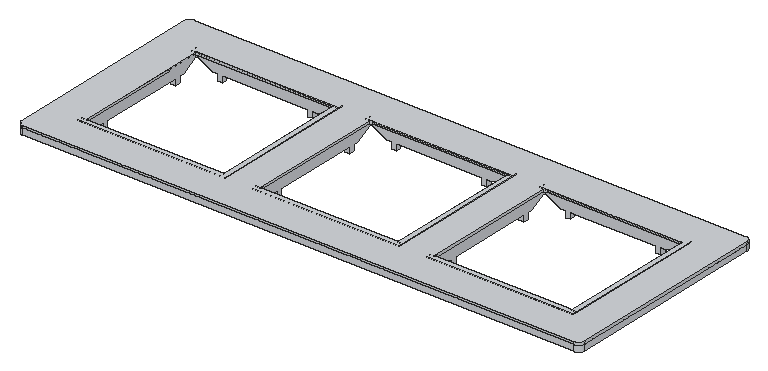
Revit family "Gira_0213235", category Electrical Fixtures, host Face, Revit 2017
Family settings
  Host = Face
  Maintain Annotation Orientation = No
  Round Connector Dimension = Use Diameter
  Part Type = Normal
  Cut with Voids When Loaded = No
  Shared = No
  Room Calculation Point = No
Parameters (values of type "Abdeckrahmen 3f flach Gira E2 Anthrazit")
  Werkstoffgüte = "Thermoplast"
  Werkstoff = "Kunststoff"
  URL = "http://katalog.gira.de/de_DE/datenblatt.html?artikelnr=0213235"
  Transparent = "No"
  Textfeld/Beschriftungsfläche = "No"
  Schutzart (IP) = "IP20"
  Region = "DE"
  Oberfläche = "sonstige"
  Name = "Abdeckrahmen 3f flach Gira E2 Anthrazit"
  Montagerichtung = "horizontal und vertikal"
  Mit Montagerahmen = "No"
  Mit Klappdeckel = "No"
  Manufacturer URL = "https://www.gira.de/"
  Keynote = "E2flach_Rahmen_3fach"
  HeinzeBIM = "https://bimportal.heinze.de/bim/abdeckrahmen-3f-flach-gira-e2-anthrazit/8eec6934cc418939a97d7435bad65fbf73b6c897"
  Halogenfrei = "Yes"
  HAN = "0213235"
  Geeignet für Unterputz-Installation = "Yes"
  Geeignet für Unterflurkanaldose = "No"
  Geeignet für Geräteeinbaukanal = "No"
  Geeignet für Einbauinstallation = "No"
  GTIN = "4010337021292"
  Farbe = "anthrazit"
  Default Elevation = 1219.2 mm
  Data sheet (1) = "https://katalog.gira.de/de_DE/download.html?artikelnr=0213235"
  Category = "Abdeckrahmen"
  Befestigungsart = "Klemmbefestigung"
  Available = "Yes"
  Anzahl der Einheiten vertikal = "3 "
  Anzahl der Einheiten horizontal = "3 "
  Anzahl der Einheiten = "3 "
Reference planes
  plane 1 "Center (Front/Back)": y = 0
  plane 2: z = 0
  plane 3 "Center (Left/Right)": x = 0
Forms (mm)
  Extrusion 1, solid, detail levels fine
    sketch origin (0, 0, 0) x (1, 0, 0) y (0, 1, 0)
      loop
        arc (-112.6, 43.9) -> (-114.368, 43.168) -> (-115.1, 41.4) r 2.5
        line (-115.1, 41.4) -> (-115.1, -41.4)
        arc (-115.1, -41.4) -> (-114.368, -43.168) -> (-112.6, -43.9) r 2.5
        line (-112.6, -43.9) -> (112.6, -43.9)
        arc (112.6, -43.9) -> (114.368, -43.168) -> (115.1, -41.4) r 2.5
        line (115.1, -41.4) -> (115.1, 41.4)
        arc (115.1, 41.4) -> (114.368, 43.168) -> (112.6, 43.9) r 2.5
        line (112.6, 43.9) -> (-112.6, 43.9)
      loop
        spline (-99.344, -27.245) -> (-99.336, -27.363) -> (-99.313, -27.478) -> (-99.275, -27.589) -> (-99.223, -27.695) -> (-99.158, -27.792) -> (-99.081, -27.881) -> (-98.992, -27.958) -> (-98.895, -28.023) -> (-98.789, -28.075) -> (-98.678, -28.113) -> (-98.563, -28.136) -> (-98.445, -28.144)
        line (-98.445, -28.144) -> (-43.955, -28.144)
        spline (-43.955, -28.144) -> (-43.837, -28.136) -> (-43.722, -28.113) -> (-43.611, -28.075) -> (-43.505, -28.023) -> (-43.408, -27.958) -> (-43.319, -27.881) -> (-43.242, -27.792) -> (-43.177, -27.695) -> (-43.125, -27.589) -> (-43.087, -27.478) -> (-43.064, -27.363) -> (-43.056, -27.245)
        line (-43.056, -27.245) -> (-43.056, 27.245)
        spline (-43.056, 27.245) -> (-43.064, 27.363) -> (-43.087, 27.478) -> (-43.125, 27.589) -> (-43.177, 27.695) -> (-43.242, 27.792) -> (-43.319, 27.881) -> (-43.408, 27.958) -> (-43.505, 28.023) -> (-43.611, 28.075) -> (-43.722, 28.113) -> (-43.837, 28.136) -> (-43.955, 28.144)
        line (-43.955, 28.144) -> (-98.445, 28.144)
        spline (-98.445, 28.144) -> (-98.563, 28.136) -> (-98.678, 28.113) -> (-98.789, 28.075) -> (-98.895, 28.023) -> (-98.992, 27.958) -> (-99.081, 27.881) -> (-99.158, 27.792) -> (-99.223, 27.695) -> (-99.275, 27.589) -> (-99.313, 27.478) -> (-99.336, 27.363) -> (-99.344, 27.245)
        line (-99.344, 27.245) -> (-99.344, -27.245)
      loop
        spline (98.445, -28.144) -> (98.563, -28.136) -> (98.678, -28.113) -> (98.789, -28.075) -> (98.895, -28.023) -> (98.992, -27.958) -> (99.081, -27.881) -> (99.158, -27.792) -> (99.223, -27.695) -> (99.275, -27.589) -> (99.313, -27.478) -> (99.336, -27.363) -> (99.344, -27.245)
        line (99.344, -27.245) -> (99.344, 27.245)
        spline (99.344, 27.245) -> (99.336, 27.363) -> (99.313, 27.478) -> (99.275, 27.589) -> (99.223, 27.695) -> (99.158, 27.792) -> (99.081, 27.881) -> (98.992, 27.958) -> (98.895, 28.023) -> (98.789, 28.075) -> (98.678, 28.113) -> (98.563, 28.136) -> (98.445, 28.144)
        line (98.445, 28.144) -> (43.955, 28.144)
        spline (43.955, 28.144) -> (43.837, 28.136) -> (43.722, 28.113) -> (43.611, 28.075) -> (43.505, 28.023) -> (43.408, 27.958) -> (43.319, 27.881) -> (43.242, 27.792) -> (43.177, 27.695) -> (43.125, 27.589) -> (43.087, 27.478) -> (43.064, 27.363) -> (43.056, 27.245)
        line (43.056, 27.245) -> (43.056, -27.245)
        spline (43.056, -27.245) -> (43.064, -27.363) -> (43.087, -27.478) -> (43.125, -27.589) -> (43.177, -27.695) -> (43.242, -27.792) -> (43.319, -27.881) -> (43.408, -27.958) -> (43.505, -28.023) -> (43.611, -28.075) -> (43.722, -28.113) -> (43.837, -28.136) -> (43.955, -28.144)
        line (43.955, -28.144) -> (98.445, -28.144)
      loop
        spline (-28.144, -27.245) -> (-28.136, -27.363) -> (-28.113, -27.478) -> (-28.075, -27.589) -> (-28.023, -27.695) -> (-27.958, -27.792) -> (-27.881, -27.881) -> (-27.792, -27.958) -> (-27.695, -28.023) -> (-27.589, -28.075) -> (-27.478, -28.113) -> (-27.363, -28.136) -> (-27.245, -28.144)
        line (-27.245, -28.144) -> (27.245, -28.144)
        spline (27.245, -28.144) -> (27.363, -28.136) -> (27.478, -28.113) -> (27.589, -28.075) -> (27.695, -28.023) -> (27.792, -27.958) -> (27.881, -27.881) -> (27.958, -27.792) -> (28.023, -27.695) -> (28.075, -27.589) -> (28.113, -27.478) -> (28.136, -27.363) -> (28.144, -27.245)
        line (28.144, -27.245) -> (28.144, 27.245)
        spline (28.144, 27.245) -> (28.136, 27.363) -> (28.113, 27.478) -> (28.075, 27.589) -> (28.023, 27.695) -> (27.958, 27.792) -> (27.881, 27.881) -> (27.792, 27.958) -> (27.695, 28.023) -> (27.589, 28.075) -> (27.478, 28.113) -> (27.363, 28.136) -> (27.245, 28.144)
        line (27.245, 28.144) -> (-27.245, 28.144)
        spline (-27.245, 28.144) -> (-27.363, 28.136) -> (-27.478, 28.113) -> (-27.589, 28.075) -> (-27.695, 28.023) -> (-27.792, 27.958) -> (-27.881, 27.881) -> (-27.958, 27.792) -> (-28.023, 27.695) -> (-28.075, 27.589) -> (-28.113, 27.478) -> (-28.136, 27.363) -> (-28.144, 27.245)
        line (-28.144, 27.245) -> (-28.144, -27.245)
    from 2.5 to 3.4
  Extrusion 2, solid, detail levels fine
    sketch origin (0, 0, 0) x (1, 0, 0) y (0, 1, 0)
      loop
        arc (-112.6, 43.9) -> (-114.368, 43.168) -> (-115.1, 41.4) r 2.5
        line (-115.1, 41.4) -> (-115.1, -41.4)
        arc (-115.1, -41.4) -> (-114.368, -43.168) -> (-112.6, -43.9) r 2.5
        line (-112.6, -43.9) -> (112.6, -43.9)
        arc (112.6, -43.9) -> (114.368, -43.168) -> (115.1, -41.4) r 2.5
        line (115.1, -41.4) -> (115.1, 41.4)
        arc (115.1, 41.4) -> (114.368, 43.168) -> (112.6, 43.9) r 2.5
        line (112.6, 43.9) -> (-112.6, 43.9)
      loop
        arc (-112.6, 43.4) -> (-114.014, 42.814) -> (-114.6, 41.4) r 2
        line (-114.6, 41.4) -> (-114.6, -41.4)
        arc (-114.6, -41.4) -> (-114.014, -42.814) -> (-112.6, -43.4) r 2
        line (-112.6, -43.4) -> (112.6, -43.4)
        arc (112.6, -43.4) -> (114.014, -42.814) -> (114.6, -41.4) r 2
        line (114.6, -41.4) -> (114.6, 41.4)
        arc (114.6, 41.4) -> (114.014, 42.814) -> (112.6, 43.4) r 2
        line (112.6, 43.4) -> (-112.6, 43.4)
    from 0 to 2.5
  Extrusion 3, solid, detail levels fine
    sketch origin (-71.2, 0, 0) x (1, 0, 0) y (0, 0, 1)
      loop
        line (-17.5, -4.06) -> (-17.5, -1.56) -> (17.5, -1.56) -> (17.5, -4.06) -> (19.5, -4.06) -> (19.5, -1.56) -> (21.654, -1.56) -> (27.214, 1.65) -> (30, 1.65) -> (30, 3.4) -> (-30, 3.4) -> (-30, 1.65) -> (-27.214, 1.65) -> (-21.654, -1.56) -> (-19.5, -1.56) -> (-19.5, -4.06) -> (-17.5, -4.06)
    from 28.144 to 30
  Extrusion 4, solid, detail levels fine
    sketch origin (-71.2, 0, 0) x (0, -1, 0) y (0, 0, -1)
      loop
        line (-17.5, 4.06) -> (-19.5, 4.06) -> (-19.5, 1.56) -> (-21.654, 1.56) -> (-27.214, -1.65) -> (-28.144, -1.65) -> (-28.144, -3.4) -> (28.144, -3.4) -> (28.144, -1.65) -> (27.214, -1.65) -> (21.654, 1.56) -> (19.5, 1.56) -> (19.5, 4.06) -> (17.5, 4.06) -> (17.5, 1.56) -> (-17.5, 1.56) -> (-17.5, 4.06)
    from 28.144 to 30
  Extrusion 5, solid, detail levels medium
    sketch origin (-71.2, 0, 0) x (0, -1, 0) y (0, 0, 1)
      loop
        line (-17.5, -4.06) -> (-17.5, -1.56) -> (17.5, -1.56) -> (17.5, -4.06) -> (19.5, -4.06) -> (19.5, -1.56) -> (28.144, -1.56) -> (28.144, 3.4) -> (-28.144, 3.4) -> (-28.144, -1.56) -> (-19.5, -1.56) -> (-19.5, -4.06) -> (-17.5, -4.06)
    from 28.144 to 30
  Extrusion 6, solid, detail levels fine
    sketch origin (-71.2, 0, 0) x (1, 0, 0) y (0, 0, -1)
      loop
        line (-17.5, 4.06) -> (-19.5, 4.06) -> (-19.5, 1.56) -> (-21.654, 1.56) -> (-27.214, -1.65) -> (-30, -1.65) -> (-30, -3.4) -> (30, -3.4) -> (30, -1.65) -> (27.214, -1.65) -> (21.654, 1.56) -> (19.5, 1.56) -> (19.5, 4.06) -> (17.5, 4.06) -> (17.5, 1.56) -> (-17.5, 1.56) -> (-17.5, 4.06)
    from 28.144 to 30
  Extrusion 7, solid, detail levels coarse
    sketch origin (0, 0, 0) x (1, 0, 0) y (0, 1, 0)
      loop
        line (-115.1, 43.9) -> (-115.1, -43.9) -> (115.1, -43.9) -> (115.1, 43.9) -> (-115.1, 43.9)
    from -4.06 to 3.4
  Extrusion 8, solid, detail levels medium
    sketch origin (0, 0, 0) x (1, 0, 0) y (0, 1, 0)
      loop
        line (-115.1, 43.9) -> (-115.1, -43.9) -> (115.1, -43.9) -> (115.1, 43.9) -> (-115.1, 43.9)
    from 0 to 3.4
  Extrusion 9, solid, detail levels medium
    sketch origin (-71.2, 0, 0) x (1, 0, 0) y (0, 0, 1)
      loop
        line (-17.5, -4.06) -> (-17.5, -1.56) -> (17.5, -1.56) -> (17.5, -4.06) -> (19.5, -4.06) -> (19.5, -1.56) -> (30, -1.56) -> (30, 3.4) -> (-30, 3.4) -> (-30, -1.56) -> (-19.5, -1.56) -> (-19.5, -4.06) -> (-17.5, -4.06)
    from 28.144 to 30
  Extrusion 10, solid, detail levels medium
    sketch origin (-71.2, 0, 0) x (1, 0, 0) y (0, 0, -1)
      loop
        line (-17.5, 4.06) -> (-19.5, 4.06) -> (-19.5, 1.56) -> (-30, 1.56) -> (-30, -3.4) -> (30, -3.4) -> (30, 1.56) -> (19.5, 1.56) -> (19.5, 4.06) -> (17.5, 4.06) -> (17.5, 1.56) -> (-17.5, 1.56) -> (-17.5, 4.06)
    from 28.144 to 30
  Extrusion 11, solid, detail levels medium
    sketch origin (-71.2, 0, 0) x (0, -1, 0) y (0, 0, -1)
      loop
        line (-17.5, 4.06) -> (-19.5, 4.06) -> (-19.5, 1.56) -> (-28.144, 1.56) -> (-28.144, -3.4) -> (28.144, -3.4) -> (28.144, 1.56) -> (19.5, 1.56) -> (19.5, 4.06) -> (17.5, 4.06) -> (17.5, 1.56) -> (-17.5, 1.56) -> (-17.5, 4.06)
    from 28.144 to 30
  Extrusion 12, solid, detail levels fine
    sketch origin (71.2, 0, 0) x (-1, 0, 0) y (0, 0, -1)
      loop
        line (-17.5, 4.06) -> (-19.5, 4.06) -> (-19.5, 1.56) -> (-21.654, 1.56) -> (-27.214, -1.65) -> (-30, -1.65) -> (-30, -3.4) -> (30, -3.4) -> (30, -1.65) -> (27.214, -1.65) -> (21.654, 1.56) -> (19.5, 1.56) -> (19.5, 4.06) -> (17.5, 4.06) -> (17.5, 1.56) -> (-17.5, 1.56) -> (-17.5, 4.06)
    from 28.144 to 30
  Extrusion 13, solid, detail levels fine
    sketch origin (71.2, 0, 0) x (0, -1, 0) y (0, 0, 1)
      loop
        line (-17.5, -4.06) -> (-17.5, -1.56) -> (17.5, -1.56) -> (17.5, -4.06) -> (19.5, -4.06) -> (19.5, -1.56) -> (21.654, -1.56) -> (27.214, 1.65) -> (28.144, 1.65) -> (28.144, 3.4) -> (-28.144, 3.4) -> (-28.144, 1.65) -> (-27.214, 1.65) -> (-21.654, -1.56) -> (-19.5, -1.56) -> (-19.5, -4.06) -> (-17.5, -4.06)
    from 28.144 to 30
  Extrusion 14, solid, detail levels medium
    sketch origin (71.2, 0, 0) x (0, -1, 0) y (0, 0, -1)
      loop
        line (-17.5, 4.06) -> (-19.5, 4.06) -> (-19.5, 1.56) -> (-28.144, 1.56) -> (-28.144, -3.4) -> (28.144, -3.4) -> (28.144, 1.56) -> (19.5, 1.56) -> (19.5, 4.06) -> (17.5, 4.06) -> (17.5, 1.56) -> (-17.5, 1.56) -> (-17.5, 4.06)
    from 28.144 to 30
  Extrusion 15, solid, detail levels fine
    sketch origin (71.2, 0, 0) x (-1, 0, 0) y (0, 0, 1)
      loop
        line (-17.5, -4.06) -> (-17.5, -1.56) -> (17.5, -1.56) -> (17.5, -4.06) -> (19.5, -4.06) -> (19.5, -1.56) -> (21.654, -1.56) -> (27.214, 1.65) -> (30, 1.65) -> (30, 3.4) -> (-30, 3.4) -> (-30, 1.65) -> (-27.214, 1.65) -> (-21.654, -1.56) -> (-19.5, -1.56) -> (-19.5, -4.06) -> (-17.5, -4.06)
    from 28.144 to 30
  Extrusion 16, solid, detail levels medium
    sketch origin (71.2, 0, 0) x (-1, 0, 0) y (0, 0, -1)
      loop
        line (-17.5, 4.06) -> (-19.5, 4.06) -> (-19.5, 1.56) -> (-30, 1.56) -> (-30, -3.4) -> (30, -3.4) -> (30, 1.56) -> (19.5, 1.56) -> (19.5, 4.06) -> (17.5, 4.06) -> (17.5, 1.56) -> (-17.5, 1.56) -> (-17.5, 4.06)
    from 28.144 to 30
  Extrusion 17, solid, detail levels medium
    sketch origin (71.2, 0, 0) x (-1, 0, 0) y (0, 0, 1)
      loop
        line (-17.5, -4.06) -> (-17.5, -1.56) -> (17.5, -1.56) -> (17.5, -4.06) -> (19.5, -4.06) -> (19.5, -1.56) -> (30, -1.56) -> (30, 3.4) -> (-30, 3.4) -> (-30, -1.56) -> (-19.5, -1.56) -> (-19.5, -4.06) -> (-17.5, -4.06)
    from 28.144 to 30
  Extrusion 18, solid, detail levels medium
    sketch origin (71.2, 0, 0) x (0, -1, 0) y (0, 0, 1)
      loop
        line (-17.5, -4.06) -> (-17.5, -1.56) -> (17.5, -1.56) -> (17.5, -4.06) -> (19.5, -4.06) -> (19.5, -1.56) -> (28.144, -1.56) -> (28.144, 3.4) -> (-28.144, 3.4) -> (-28.144, -1.56) -> (-19.5, -1.56) -> (-19.5, -4.06) -> (-17.5, -4.06)
    from 28.144 to 30
  Extrusion 19, solid, detail levels fine
    sketch origin (-129.344, 0, 0) x (0, -1, 0) y (0, 0, -1)
      loop
        line (-17.5, 4.06) -> (-19.5, 4.06) -> (-19.5, 1.56) -> (-21.654, 1.56) -> (-27.214, -1.65) -> (-28.144, -1.65) -> (-28.144, -3.4) -> (28.144, -3.4) -> (28.144, -1.65) -> (27.214, -1.65) -> (21.654, 1.56) -> (19.5, 1.56) -> (19.5, 4.06) -> (17.5, 4.06) -> (17.5, 1.56) -> (-17.5, 1.56) -> (-17.5, 4.06)
    from 28.144 to 30
  Extrusion 20, solid, detail levels fine
    sketch origin (129.344, 0, 0) x (0, -1, 0) y (0, 0, 1)
      loop
        line (-17.5, -4.06) -> (-17.5, -1.56) -> (17.5, -1.56) -> (17.5, -4.06) -> (19.5, -4.06) -> (19.5, -1.56) -> (21.654, -1.56) -> (27.214, 1.65) -> (28.144, 1.65) -> (28.144, 3.4) -> (-28.144, 3.4) -> (-28.144, 1.65) -> (-27.214, 1.65) -> (-21.654, -1.56) -> (-19.5, -1.56) -> (-19.5, -4.06) -> (-17.5, -4.06)
    from 28.144 to 30
  Extrusion 21, solid, detail levels fine
    sketch origin (0, 0, 0) x (-1, 0, 0) y (0, 0, -1)
      loop
        line (-17.5, 4.06) -> (-19.5, 4.06) -> (-19.5, 1.56) -> (-21.654, 1.56) -> (-27.214, -1.65) -> (-30, -1.65) -> (-30, -3.4) -> (30, -3.4) -> (30, -1.65) -> (27.214, -1.65) -> (21.654, 1.56) -> (19.5, 1.56) -> (19.5, 4.06) -> (17.5, 4.06) -> (17.5, 1.56) -> (-17.5, 1.56) -> (-17.5, 4.06)
    from 28.144 to 30
  Extrusion 22, solid, detail levels fine
    sketch origin (0, 0, 0) x (0, -1, 0) y (0, 0, 1)
      loop
        line (-17.5, -4.06) -> (-17.5, -1.56) -> (17.5, -1.56) -> (17.5, -4.06) -> (19.5, -4.06) -> (19.5, -1.56) -> (21.654, -1.56) -> (27.214, 1.65) -> (28.144, 1.65) -> (28.144, 3.4) -> (-28.144, 3.4) -> (-28.144, 1.65) -> (-27.214, 1.65) -> (-21.654, -1.56) -> (-19.5, -1.56) -> (-19.5, -4.06) -> (-17.5, -4.06)
    from 28.144 to 30
  Extrusion 23, solid, detail levels medium
    sketch origin (0, 0, 0) x (0, -1, 0) y (0, 0, -1)
      loop
        line (-17.5, 4.06) -> (-19.5, 4.06) -> (-19.5, 1.56) -> (-28.144, 1.56) -> (-28.144, -3.4) -> (28.144, -3.4) -> (28.144, 1.56) -> (19.5, 1.56) -> (19.5, 4.06) -> (17.5, 4.06) -> (17.5, 1.56) -> (-17.5, 1.56) -> (-17.5, 4.06)
    from 28.144 to 30
  Extrusion 24, solid, detail levels fine
    sketch origin (0, 0, 0) x (-1, 0, 0) y (0, 0, 1)
      loop
        line (-17.5, -4.06) -> (-17.5, -1.56) -> (17.5, -1.56) -> (17.5, -4.06) -> (19.5, -4.06) -> (19.5, -1.56) -> (21.654, -1.56) -> (27.214, 1.65) -> (30, 1.65) -> (30, 3.4) -> (-30, 3.4) -> (-30, 1.65) -> (-27.214, 1.65) -> (-21.654, -1.56) -> (-19.5, -1.56) -> (-19.5, -4.06) -> (-17.5, -4.06)
    from 28.144 to 30
  Extrusion 25, solid, detail levels medium
    sketch origin (0, 0, 0) x (-1, 0, 0) y (0, 0, -1)
      loop
        line (-17.5, 4.06) -> (-19.5, 4.06) -> (-19.5, 1.56) -> (-30, 1.56) -> (-30, -3.4) -> (30, -3.4) -> (30, 1.56) -> (19.5, 1.56) -> (19.5, 4.06) -> (17.5, 4.06) -> (17.5, 1.56) -> (-17.5, 1.56) -> (-17.5, 4.06)
    from 28.144 to 30
  Extrusion 26, solid, detail levels medium
    sketch origin (0, 0, 0) x (-1, 0, 0) y (0, 0, 1)
      loop
        line (-17.5, -4.06) -> (-17.5, -1.56) -> (17.5, -1.56) -> (17.5, -4.06) -> (19.5, -4.06) -> (19.5, -1.56) -> (30, -1.56) -> (30, 3.4) -> (-30, 3.4) -> (-30, -1.56) -> (-19.5, -1.56) -> (-19.5, -4.06) -> (-17.5, -4.06)
    from 28.144 to 30
  Extrusion 27, solid, detail levels medium
    sketch origin (0, 0, 0) x (0, -1, 0) y (0, 0, 1)
      loop
        line (-17.5, -4.06) -> (-17.5, -1.56) -> (17.5, -1.56) -> (17.5, -4.06) -> (19.5, -4.06) -> (19.5, -1.56) -> (28.144, -1.56) -> (28.144, 3.4) -> (-28.144, 3.4) -> (-28.144, -1.56) -> (-19.5, -1.56) -> (-19.5, -4.06) -> (-17.5, -4.06)
    from 28.144 to 30
  Extrusion 28, solid, detail levels fine
    sketch origin (58.144, 0, 0) x (0, -1, 0) y (0, 0, 1)
      loop
        line (-17.5, -4.06) -> (-17.5, -1.56) -> (17.5, -1.56) -> (17.5, -4.06) -> (19.5, -4.06) -> (19.5, -1.56) -> (21.654, -1.56) -> (27.214, 1.65) -> (28.144, 1.65) -> (28.144, 3.4) -> (-28.144, 3.4) -> (-28.144, 1.65) -> (-27.214, 1.65) -> (-21.654, -1.56) -> (-19.5, -1.56) -> (-19.5, -4.06) -> (-17.5, -4.06)
    from 28.144 to 30
Dimensions and locks
  aligned and locked: plane 2 to host face
  aligned and locked: level to host face
